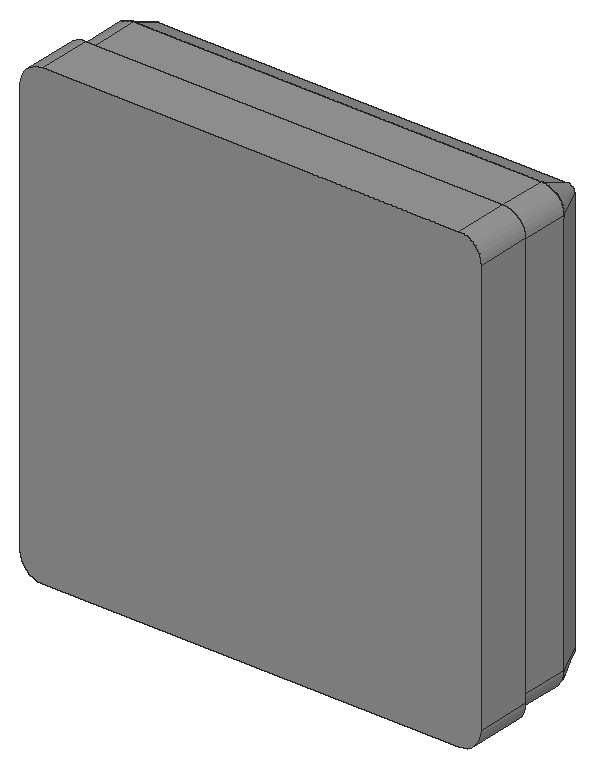
Revit family "IEK_РозеткаСетевая_ОткрытойУстановки_Без ЗК 10А 4-хместная IP20_ОКТАВА", category Электрические приборы, Revit 2019
Family settings
  Сохранять ориентацию аннотаций = Да
  Размер круглого соединителя = Использовать диаметр
  Тип детали = Нормальный
  На основе рабочей плоскости = Нет
  Всегда вертикально = Да
  При загрузке вырезать с полостями = Нет
  Общий = Нет
  Точка расчета площади = Нет
Parameters (values of type "РС24-2-ОК")
  Ширина = 103 mm  # constant formula
  Тип монтажа = "Поверхность монтажа (открытая установка)"  # constant formula
  Степень защиты = "IP20"  # constant formula
  Изготовитель = "IEK"  # constant formula
  Дата изменения = ""
  Глубина = 30.8 mm  # constant formula
  Высота = 103 mm  # constant formula
  ΔХ [instance] = 2000 mm
  ΔY [instance] = 2000 mm
  KSI_CPr_Строительные изделия = "20.4.03.04 20.4.03.05 20.4.03.06"  # constant formula
  KSI_CMa_Строительные материалы = "01.7.14.03"  # constant formula
  IEK_Цена за единицу = 387.28
  IEK_Поиск в таблице имен = ""
  IEK_Описание = "Универсальный дизайн серии открытой установки \"ОКТАВА\" позволяет устанавливать изделия в квартирах, загородных домах, офисных и производственных помещениях."
  IEK_URL = "https://www.iek.ru/products/catalog/izdeliya_elektroustanovochnye_udliniteli_i_silovye_razemy/elektroustanovochnye_izdeliya/elektroustanovochnye_izdeliya_otkrytogo_montazha_ip20/elektroustanovochnye_izdeliya_oktava/elektroustanovochnye_izdeliya_oktava_tsvet_kremovyy/rozetka_4_mestnaya_dlya_otkrytoy_ustanovki_rs24_2_ok_bez_zazemlyayushchego_kontakta_10a_oktava_kremovyy_iek"
  ADSK_Ток [instance] = 10 A  # constant formula
  ADSK_Примечание = ""
  ADSK_Полная мощность [instance] = ADSK_Номинальная мощность / ADSK_Коэффициент мощности  # 2200 VA
  ADSK_Позиция [instance] = ""
  ADSK_Номинальная мощность [instance] = ADSK_Ток * ADSK_Напряжение * sqrt(ADSK_Количество фаз числовое) * ADSK_Коэффициент мощности  # 2200 W
  ADSK_Напряжение = 220 V
  ADSK_Наименование = "Розетка 4-местная для открытой установки РС24-2-ОБ без заземляющего контакта 10А ОКТАВА кремовый IEK"
  ADSK_Материал обозначение = ""
  ADSK_Материал наименование = "Пластик"  # constant formula
  ADSK_Материал = Цвет кремовый
  ADSK_Масса = 0.088
  ADSK_Марка = "ОКТАВА"  # constant formula
  ADSK_Коэффициент мощности [instance] = 1  # constant formula
  ADSK_Количество фаз числовое = 1
  ADSK_Количество фаз = 1
  ADSK_Код изделия = "ERO40-K33-10-DC"
  ADSK_Классификация нагрузок [instance] = Прочее
  ADSK_Завод-изготовитель = "IEK"  # constant formula
  ADSK_Единица измерения = "шт"  # constant formula
  ADSK_Группирование = "III ЭЛЕКТРОУСТАНОВОЧНЫЕ И ЭЛЕКТРОМОНТАЖНЫЕ ИЗДЕЛИЯ"  # constant formula
  ADSK_Версия семейства = "1.0"  # constant formula
  ADSK_Версия Revit = "2019"  # constant formula
  ADSK_URL страницы изделия = "https://www.iek.ru/products/catalog/izdeliya_elektroustanovochnye_udliniteli_i_silovye_razemy/elektroustanovochnye_izdeliya/elektroustanovochnye_izdeliya_otkrytogo_montazha_ip20/elektroustanovochnye_izdeliya_oktava/?pagec=100"
Reference planes
  plane 1 "По центру (Вперед/Назад)": y = 0
  plane 2: z = 0
  plane 3 "По центру (Влево/Вправо)": x = 0
  plane 4 "Высота ножек": z = 280
  plane 5 "Высота": z = 2081.496
  plane 6: x = -2000
  plane 7: y = 2000
Forms (mm)
  Extrusion 1, void
    sketch origin (0, 0, 71) x (1, 0, 0) y (0, 0, -1)
      loop
        circle (-21.059, 40.999) r 19.5
      loop
        circle (21.059, 40.999) r 19.5
      loop
        circle (-21.059, -0.999) r 19.5
      loop
        circle (21.059, -0.999) r 19.5
    from 23.5 to 32
  Extrusion 2, solid, material "Цвет кремовый" <- "ADSK_Материал", detail levels fine
    sketch origin (0, 0, 51) x (1, 0, 0) y (0, 0, -1)
      loop
        line (-51, 46) -> (-51, -46)
        arc (-51, -46) -> (-49.536, -49.536) -> (-46, -51) r 5
        line (-46, -51) -> (46, -51)
        arc (46, -51) -> (49.536, -49.536) -> (51, -46) r 5
        line (51, -46) -> (51, 46)
        arc (51, 46) -> (49.536, 49.536) -> (46, 51) r 5
        line (46, 51) -> (-46, 51)
        arc (-46, 51) -> (-49.536, 49.536) -> (-51, 46) r 5
    from 0 to 12
  Extrusion 3, solid, material "Цвет кремовый" <- "ADSK_Материал", detail levels fine
    sketch origin (0, 0, 51) x (1, 0, 0) y (0, 0, -1)
      loop
        line (-50, 44.962) -> (-50, -44.962)
        arc (-50, -44.962) -> (-48.524, -48.524) -> (-44.962, -50) r 5.038
        line (-44.962, -50) -> (45.005, -50)
        arc (45.005, -50) -> (48.537, -48.537) -> (50, -45.005) r 4.995
        line (50, -45.005) -> (50, 45.005)
        arc (50, 45.005) -> (48.537, 48.537) -> (45.005, 50) r 4.995
        line (45.005, 50) -> (-44.962, 50)
        arc (-44.962, 50) -> (-48.524, 48.524) -> (-50, 44.962) r 5.038
    from 12 to 24
  Blend 4, solid, material "Цвет кремовый" <- "ADSK_Материал", detail levels fine
    base sketch origin (0, 0, 51) x (1, 0, 0) y (0, 0, -1)
      loop
        line (-50, 44.962) -> (-50, -44.962)
        arc (-50, -44.962) -> (-48.524, -48.524) -> (-44.962, -50) r 5.038
        line (-44.962, -50) -> (45.005, -50)
        arc (45.005, -50) -> (48.537, -48.537) -> (50, -45.005) r 4.995
        line (50, -45.005) -> (50, 45.005)
        arc (50, 45.005) -> (48.537, 48.537) -> (45.005, 50) r 4.995
        line (45.005, 50) -> (-44.962, 50)
        arc (-44.962, 50) -> (-48.524, 48.524) -> (-50, 44.962) r 5.038
    top sketch origin (0, 0, 51) x (1, 0, 0) y (0, 0, -1)
      loop
        line (-46.736, 45.075) -> (-46.736, -45.036)
        arc (-46.736, -45.036) -> (-46.238, -46.238) -> (-45.036, -46.736) r 1.7
        line (-45.036, -46.736) -> (45.036, -46.736)
        arc (45.036, -46.736) -> (46.238, -46.238) -> (46.736, -45.036) r 1.7
        line (46.736, -45.036) -> (46.736, 45.02)
        arc (46.736, 45.02) -> (46.233, 46.233) -> (45.02, 46.736) r 1.716
        line (45.02, 46.736) -> (-45.075, 46.736)
        arc (-45.075, 46.736) -> (-46.249, 46.249) -> (-46.736, 45.075) r 1.661
    from 24 to 31
  Extrusion 5, void
    sketch origin (0, 0, 51) x (1, 0, 0) y (0, 0, -1)
      loop
        arc (-44.736, -42.724) -> (-44.15, -44.138) -> (-42.736, -44.724) r 2
        line (-42.736, -44.724) -> (42.736, -44.724)
        arc (42.736, -44.724) -> (44.15, -44.138) -> (44.736, -42.724) r 2
        line (44.736, -42.724) -> (44.736, 42.724)
        arc (44.736, 42.724) -> (44.15, 44.138) -> (42.736, 44.724) r 2
        line (42.736, 44.724) -> (-42.736, 44.724)
        arc (-42.736, 44.724) -> (-44.15, 44.138) -> (-44.736, 42.724) r 2
        line (-44.736, 42.724) -> (-44.736, -42.724)
      loop
        circle (-21, 21.008) r 20.5
      loop
        circle (21, 21.008) r 20.5
      loop
        circle (-21, -21.008) r 20.5
      loop
        circle (21, -21.008) r 20.5
    from 30.5 to 31
  Extrusion 6, void
    sketch origin (0, 0, 70.99) x (1, 0, 0) y (0, 0, -1)
      loop
        circle (-30.54, -1.016) r 2.758
      loop
        circle (-11.491, -1.016) r 2.758
      loop
        circle (30.54, -1.016) r 2.758
      loop
        circle (11.491, -1.016) r 2.758
      loop
        circle (-30.54, 40.996) r 2.758
      loop
        circle (-11.491, 40.996) r 2.758
      loop
        circle (30.54, 40.996) r 2.758
      loop
        circle (11.491, 40.996) r 2.758
    from 23.5 to 21.5
  Extrusion 7, solid, detail levels coarse
    sketch origin (0, 0, 0) x (1, 0, 0) y (0, 1, 0)
      loop
        line (-51, 0) -> (51, 0) -> (51, 31) -> (-51, 31) -> (-51, 0)
    from 0 to 103
  Extrusion 8, solid, detail levels medium
    sketch origin (0, 0, 0) x (1, 0, 0) y (0, 1, 0)
      loop
        line (-51, 31) -> (-51, 0) -> (51, 0) -> (51, 31) -> (-51, 31)
    from 0 to 103
Cuts and joins
  Extrusion 1, Extrusion 5 cuts Blend 4
  Extrusion 1, Extrusion 6 cuts Extrusion 3
Lines and regions (mm)
  reference lines
    curve 1: line (0, 44.647, 0) -> (0, -55.353, 0)
    curve 2: line (-23.829, 0, 0) -> (76.171, 0, 0)
Dimensions and locks
  locked: plane 4 "Высота ножек" to plane 2 at 280
  plane 5 "Высота" to plane 4 "Высота ножек" = 1801.496 mm
  "ΔХ": plane 6 to curve 1
  "ΔY": plane 7 to curve 2
  aligned and locked: level to plane 2
  aligned and locked: nested 1 to curve 1
  aligned and locked: curve 2 to nested 1
  aligned and locked: Extrusion 3 to Extrusion 2
  aligned and locked: Blend 4 to Extrusion 3
Automatic sketch dimensions
  Extrusion 1 sketch curve to plane 3 "По центру (Влево/Вправо)" = 21.059 mm  (x2)
  level to Extrusion 1 sketch curve = 30.001 mm  (x2)
  plane 3 "По центру (Влево/Вправо)" to Extrusion 1 sketch curve = 21.059 mm  (x2)
  level to Extrusion 1 sketch curve = 71.999 mm  (x2)
  Extrusion 2 sketch curve to plane 3 "По центру (Влево/Вправо)" = 51 mm
  Extrusion 2 sketch curve to Extrusion 2 sketch curve = 5 mm  (x3)
  plane 3 "По центру (Влево/Вправо)" to Extrusion 2 sketch curve = 46 mm  (x2)
  level to Extrusion 2 sketch curve = 5 mm
  level to Extrusion 2 sketch curve = 97 mm
  Extrusion 3 sketch curve to plane 3 "По центру (Влево/Вправо)" = 50 mm
  Extrusion 3 sketch curve to Extrusion 3 sketch curve = 5.038 mm  (x2)
  plane 3 "По центру (Влево/Вправо)" to Extrusion 3 sketch curve = 45.005 mm  (x2)
  Extrusion 3 sketch curve to Extrusion 3 sketch curve = 4.995 mm
  level to Extrusion 3 sketch curve = 101 mm
  level to Extrusion 3 sketch curve = 6.038 mm
  Blend 4 sketch curve to plane 3 "По центру (Влево/Вправо)" = 50 mm
  Blend 4 sketch curve to Blend 4 sketch curve = 5.038 mm  (x2)
  plane 3 "По центру (Влево/Вправо)" to Blend 4 sketch curve = 45.005 mm  (x2)
  level to Blend 4 sketch curve = 5.995 mm
  Blend 4 sketch curve to Blend 4 sketch curve = 4.995 mm
  level to Blend 4 sketch curve = 95.962 mm
  Blend 4 sketch curve to plane 3 "По центру (Влево/Вправо)" = 46.736 mm
  Blend 4 sketch curve to Blend 4 sketch curve = 1.661 mm
  Blend 4 sketch curve to Blend 4 sketch curve = 1.7 mm
  plane 3 "По центру (Влево/Вправо)" to Blend 4 sketch curve = 45.02 mm
  plane 3 "По центру (Влево/Вправо)" to Blend 4 sketch curve = 45.036 mm
  Blend 4 sketch curve to Blend 4 sketch curve = 1.716 mm
  level to Blend 4 sketch curve = 97.736 mm
  level to Blend 4 sketch curve = 5.98 mm
  Extrusion 5 sketch curve to plane 3 "По центру (Влево/Вправо)" = 44.736 mm
  Extrusion 5 sketch curve to Extrusion 5 sketch curve = 2 mm  (x3)
  Extrusion 5 sketch curve to plane 3 "По центру (Влево/Вправо)" = 21 mm  (x2)
  level to Extrusion 5 sketch curve = 29.992 mm  (x2)
  plane 3 "По центру (Влево/Вправо)" to Extrusion 5 sketch curve = 21 mm  (x2)
  Extrusion 5 sketch curve to Extrusion 5 sketch curve = 21.736 mm  (x2)
  level to Extrusion 5 sketch curve = 72.008 mm  (x2)
  Extrusion 5 sketch curve to Extrusion 5 sketch curve = 21.716 mm
  level to Extrusion 5 sketch curve = 8.276 mm
  level to Extrusion 6 sketch curve = 29.994 mm  (x4)
  Extrusion 6 sketch curve to plane 3 "По центру (Влево/Вправо)" = 30.54 mm  (x2)
  Extrusion 6 sketch curve to plane 3 "По центру (Влево/Вправо)" = 11.491 mm  (x2)
  plane 3 "По центру (Влево/Вправо)" to Extrusion 6 sketch curve = 11.491 mm  (x2)
  Extrusion 6 sketch curve to Extrusion 6 sketch curve = 19.049 mm  (x2)
  level to Extrusion 6 sketch curve = 72.006 mm  (x2)
  Extrusion 6 sketch curve to Extrusion 6 sketch curve = 0 mm  (x2)
  plane 1 "По центру (Вперед/Назад)" to Extrusion 7 sketch curve = 0 mm
  Extrusion 7 sketch curve to plane 3 "По центру (Влево/Вправо)" = 51 mm
  plane 3 "По центру (Влево/Вправо)" to Extrusion 7 sketch curve = 51 mm
  Extrusion 7 sketch curve to plane 1 "По центру (Вперед/Назад)" = 31 mm
  plane 1 "По центру (Вперед/Назад)" to Extrusion 8 sketch curve = 0 mm
  Extrusion 8 sketch curve to plane 3 "По центру (Влево/Вправо)" = 51 mm
  plane 3 "По центру (Влево/Вправо)" to Extrusion 8 sketch curve = 51 mm
  Extrusion 8 sketch curve to plane 1 "По центру (Вперед/Назад)" = 31 mm
  curve 2 to plane 3 "По центру (Влево/Вправо)" = 23.829 mm
  plane 3 "По центру (Влево/Вправо)" to curve 2 = 76.171 mm
  plane 1 "По центру (Вперед/Назад)" to curve 1 = 55.353 mm
  curve 1 to plane 1 "По центру (Вперед/Назад)" = 44.647 mm
  radius of Extrusion 1 sketch curve = 19.5 mm  (x4)
  radius of Extrusion 5 sketch curve = 20.5 mm  (x4)
  radius of Extrusion 6 sketch curve = 2.758 mm  (x8)
Nested families
  nested 1: "УГО Розетки" at (0, 0, 0), type "2P-O", detail levels coarse+medium
    with Количество в блоке "4Б", Блок розеток yes, IP44 no
Connectors
  electrical at (0, 0, 51), driven by "ADSK_Количество фаз", driven by "ADSK_Классификация нагрузок", driven by "ADSK_Напряжение", driven by "ADSK_Полная мощность", driven by "ADSK_Коэффициент мощности"
    settings: on Extrusion 2, index 1, voltage 220 V, apparent load 0 VA, apparent load phase1 2200 VA, apparent load phase2 0 VA, apparent load phase3 0 VA, power factor 1, load classification "Прочее", number of poles 1, system type 31, power factor state 1, is connector primary yes, connector utility no, sub classification motor no, connector description ""
Definition of nested family "УГО Розетки"
  Parameters (values of type "3PE-O")
    Количество в блоке [instance] = ""
    Блок розеток [instance] = no
    IP44 [instance] = no
    3PE-O = yes
    3PE-C = no
    2PE-O = no
    2PE-C = no
    2P-O = no
    2P-C = no
  Types (6, lengths in mm): name | 3PE-O | 3PE-C | 2PE-O | 2PE-C | 2P-O | 2P-C
    2P-O | no | no | no | no | yes | no
    3PE-O | yes | no | no | no | no | no
    2P-C | no | no | no | no | no | yes
    2PE-C | no | no | no | yes | no | no
    2PE-O | no | no | yes | no | no | no
    3PE-C | no | yes | no | no | no | no
  Reference planes
    plane 1: y = 0
    plane 2: x = 0
  Lines and regions (mm)
    Filled region 1, type "Цветовая область 1", visible <- "IP44"
      outline origin (0, 0, 0) x (1, 0, 0) y (0, 1, 0)
        loop
          line (-2.5, 0) -> (2.5, 0)
          arc (2.5, 0) -> (0, 2.5) -> (-2.5, 0) r 2.5
    Filled region 2, type "Цветовая область 1", visible <- "IP44", not visible
      outline origin (0, 0, 0) x (1, 0, 0) y (0, 1, 0)
        loop
          line (-2.5, 4.664) -> (2.5, 4.664)
          arc (2.5, 4.664) -> (0, 7.164) -> (-2.5, 4.664) r 2.5
    detail lines
      curve 1: line (-2.5, 0, 0) -> (2.5, 0, 0)
      curve 3: line (0, 2.5, 0) -> (0, 5, 0)
      curve 4: arc (-2.5, 0, 0) -> (0, 2.5, 0) -> (2.5, 0, 0) r 2.5
    detail lines, visible <- "3PE-C"
      curve 2: line (0, 0, 0) -> (0, 2.5, 0)
      curve 5: line (-2.5, 2.5, 0) -> (2.5, 2.5, 0)
      curve 17: line (0, 2.5, 0) -> (1.768, 4.268, 0)
      curve 18: line (0, 2.5, 0) -> (-1.768, 4.268, 0)
    detail lines, not visible
      curve 6: line (-2.5, 4.664, 0) -> (2.5, 4.664, 0)
      curve 8: line (0, 7.164, 0) -> (0, 9.664, 0)
      curve 9: arc (-2.5, 4.664, 0) -> (0, 7.164, 0) -> (2.5, 4.664, 0) r 2.5
    detail lines, visible <- "3PE-C", not visible
      curve 7: line (0, 4.664, 0) -> (0, 7.164, 0)
      curve 10: line (-2.5, 7.164, 0) -> (2.5, 7.164, 0)
      curve 23: line (0, 7.164, 0) -> (1.768, 8.932, 0)
      curve 24: line (0, 7.164, 0) -> (-1.768, 8.932, 0)
    detail lines, visible <- "3PE-O"
      curve 11: line (-2.5, 2.5, 0) -> (2.5, 2.5, 0)
      curve 19: line (0, 2.5, 0) -> (1.768, 4.268, 0)
      curve 20: line (0, 2.5, 0) -> (-1.768, 4.268, 0)
    detail lines, visible <- "3PE-O", not visible
      curve 12: line (-2.5, 7.164, 0) -> (2.5, 7.164, 0)
      curve 25: line (0, 7.164, 0) -> (1.768, 8.932, 0)
      curve 26: line (0, 7.164, 0) -> (-1.768, 8.932, 0)
    detail lines, visible <- "2PE-C"
      curve 13: line (0, 0, 0) -> (0, 2.5, 0)
      curve 22: line (-2.5, 2.5, 0) -> (2.5, 2.5, 0)
    detail lines, visible <- "2P-C"
      curve 14: line (0, 0, 0) -> (0, 2.5, 0)
    detail lines, visible <- "2PE-C", not visible
      curve 15: line (0, 4.664, 0) -> (0, 7.164, 0)
      curve 28: line (-2.5, 7.164, 0) -> (2.5, 7.164, 0)
    detail lines, visible <- "2P-C", not visible
      curve 16: line (0, 4.664, 0) -> (0, 7.164, 0)
    detail lines, visible <- "2PE-O"
      curve 21: line (-2.5, 2.5, 0) -> (2.5, 2.5, 0)
    detail lines, visible <- "2PE-O", not visible
      curve 27: line (-2.5, 7.164, 0) -> (2.5, 7.164, 0)
    reference lines
      curve 29: line (100, 9.605, 0) -> (100, -3.971, 0)
  Text (mm)
    label "3" at (1.908, 5.573, 0), shows "Количество в блоке", visible <- "Блок розеток"
    label "3" at (1.908, 10.237, 0), shows "Количество в блоке", visible <- "Блок розеток", not visible
  Dimensions and locks
    aligned and locked: Filled region 1 sketch curve to curve 4
    aligned and locked: Filled region 2 sketch curve to curve 9
